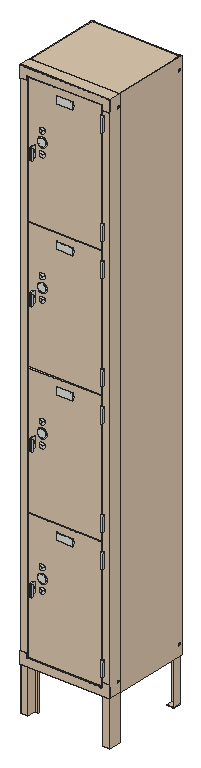
Revit family "Metal_Vented_Lockers-Salsbury_Industries-74000_Series-1_Wide_Units", category Specialty Equipment, Revit 2026 (continued)
Definition of nested family "Metal Locker Legs"
  Automatic sketch dimensions
    plane 17 "Back Edge of Rear Legs" to Extrusion 3 sketch curve = 0.060"
    plane 18 "Right Edge of Rear Right Leg" to Extrusion 3 sketch curve = 0.060"
    plane 17 "Back Edge of Rear Legs" to Extrusion 4 sketch curve = 0.000"
    Extrusion 4 sketch curve to plane 18 "Right Edge of Rear Right Leg" = 0.000"
    plane 20 to Extrusion 4 sketch curve = 0.000"
    Extrusion 4 sketch curve to plane 21 "Inside Edge or Rear Right Leg" = 0.000"
    plane 17 "Back Edge of Rear Legs" to Extrusion 5 sketch curve = 0.000"
    Extrusion 5 sketch curve to plane 22 "Inside Edge or Left Rear Leg" = 0.000"
    Extrusion 5 sketch curve to plane 19 "Left Edge or Rear Left Leg" = 0.000"
    plane 20 to Extrusion 5 sketch curve = 0.000"
    Extrusion 5 sketch curve to plane 17 "Back Edge of Rear Legs" = 0.060"
    Extrusion 5 sketch curve to plane 19 "Left Edge or Rear Left Leg" = 0.060"
    plane 17 "Back Edge of Rear Legs" to Extrusion 6 sketch curve = 0.000"
    Extrusion 6 sketch curve to plane 19 "Left Edge or Rear Left Leg" = 0.000"
    plane 20 to Extrusion 6 sketch curve = 0.000"
    Extrusion 6 sketch curve to plane 22 "Inside Edge or Left Rear Leg" = 0.000"
Definition of nested family "Vented Metal Locker Doors-12 inch with Latch Hasps"
  Parameters (values of type "Four Tier Door - 6 foot")
    Width = 9.901"
    Visible = yes
    Vent Array Spacing = 1.187"
    Vent Array 2 = if(Height = 17.360", 10, if(Height = 14.360", 8, if(Height = 11.532", 6, if(Height = 11.463", 6, 0))))  # 10
    Vent Array 1 = Vent Array 2  # 10
    Primary Structure Material = none
    Louver Set Vertical Alignment = 5.710"
    Number Plate Alignment = 0.9375"
    Louver Width = 4.000"
    Hinge 2 Placement = 14.142"
    Hinge 1 Placement = 1.125"
    Height = 17.360"
    Hasp Plate Rivet Material = none
    Hasp Height = 1.438"
    First Vent Placement = 2.875"
    Depth = 0.900"
    Default Elevation = 0.000"
  Types (4): name | Vent Array 2 | Vent Array 1 | Louver Set Vertical Alignment | Hinge 2 Placement | Height | First Vent Placement
    Six Tier Door - 6 foot | 6 | 6 | 2.731" | 8.449" | 11.532" | 2.3925"
    Five Tier Door - 5 foot | 6 | 6 | 2.826" | 8.188" | 11.463" | 2.3925"
    Four Tier Door - 6 foot | 10 | 10 | 5.710" | 14.142" | 17.360" | 2.875"
    Four Tier Door - 5 foot | 8 | 8 | 4.240" | 11.142" | 14.360" | 2.625"
  Reference planes (in)
    plane 1 "Center (Front/Back)": y = 0
    plane 2 "Bottom of Door": z = 0
    plane 3 "Center (Left/Right)": x = 0
    plane 4 "Center (Top/Bottom)": z = 8.68
    plane 5 "Top of Door": z = 17.36
    plane 6 "Right Side of Door": x = 4.9505
    plane 7 "Left Side of Door": x = -4.9505
    plane 8 "Front of Door": y = -0.45
    plane 9 "Back of Door": y = 0.45
    plane 10 "Top of Number Plate": z = 16.4225
    plane 11 "Top of Hasp Alignment": z = 9.399
    plane 12 "Bottom of Hasp Alignment": z = 7.961
    plane 13 "Left Side of Louvers": x = -2
    plane 14 "Right Side of Louvers": x = 2
    plane 15 "Front of Louvers": y = -0.6375
    plane 16: x = -1.094
    plane 17: x = 1.094
    plane 18: z = 15.4225
    plane 19 "Center Hasp": x = -1.7755
    plane 20 "Top of Hinge 2": z = 3.218
    plane 21 "Top of Hinge 1": z = 16.235
    plane 22 "Left Hasp Hole Align": x = -4.263
    plane 23 "Right Hasp Hole Align": x = -4.013
    plane 24 "Center Hasp Stud Align": z = 10.09841
    plane 25 "Top Hasp Stud Align": z = 11.51682
    plane 26 "Vertical Hasp Stud Align": x = -3.076
    plane 27 "Vertical Center Hasp Align": x = -4.13777
    plane 28: z = 2.875
    plane 29: z = 3.46558
    plane 30: z = 4.062
    plane 31: z = 4.65258
  Forms (in)
    Extrusion 1, solid, material <- "Primary Structure Material", visible <- "Visible"
      sketch origin (0, 0, 0) x (1, 0, 0) y (0, 0, 1)
        loop
          line (-4.9505, 17.36) -> (-4.9505, 0) -> (4.9505, 0) -> (4.9505, 17.36) -> (-4.9505, 17.36)
      from -0.45 to 0.45
    Extrusion 2, solid, material <- "Hasp Plate Rivet Material", visible <- "Visible", detail levels medium+fine
      sketch origin (0, -0.45, 0) x (1, 0, 0) y (0, 0, 1)
        loop
          arc (-1.06847, 16.38695) -> (-1.10166, 15.92421) -> (-1.06847, 15.46147) r 3.2426
          arc (-1.06847, 15.46147) -> (0, 15.42272) -> (1.06847, 15.46147) r 14.75
          arc (1.06847, 15.46147) -> (1.10166, 15.92421) -> (1.06847, 16.38695) r 3.2426
          arc (1.06847, 16.38695) -> (0, 16.41487) -> (-1.06847, 16.38695) r 20.45441
      from 0 to 0.03497
    Extrusion 3, void
      sketch origin (-1.7755, -0.13281, 0.04687) x (0, 0, -1) y (0, -1, 0)
        loop
          circle (-8.35677, -0.16411) r 0.2
      from -0.163 to 0.163
    Extrusion 4, solid, material <- "Primary Structure Material", visible <- "Visible", detail levels medium+fine
      sketch origin (0, 0, 16.235) x (0, -1, 0) y (1, 0, 0)
        loop
          line (0.45, 4.9505) -> (0.575, 4.9505)
          arc (0.575, 4.9505) -> (0.7, 5.0755) -> (0.575, 5.2005) r 0.125
          line (0.575, 5.2005) -> (0.45, 5.2005) -> (0.45, 4.9505)
      from 0 to -2
    Extrusion 5, solid, material <- "Primary Structure Material", visible <- "Visible", detail levels medium+fine
      sketch origin (0, 0, 3.218) x (0, -1, 0) y (1, 0, 0)
        loop
          line (0.45, 4.9505) -> (0.575, 4.9505)
          arc (0.575, 4.9505) -> (0.7, 5.0755) -> (0.575, 5.2005) r 0.125
          line (0.575, 5.2005) -> (0.45, 5.2005) -> (0.45, 4.9505)
      from 0 to -2
    Extrusion 6, void
      sketch origin (0, -0.45, 0) x (1, 0, 0) y (0, 0, 1)
        loop
          line (-4.263, 9.399) -> (-4.263, 7.961) -> (-4.013, 7.961) -> (-4.013, 9.399) -> (-4.263, 9.399)
      from -0.9 to 0
    Blend 7, solid, material <- "Hasp Plate Rivet Material", visible <- "Visible", detail levels fine
      base sketch origin (0, -0.45, 0) x (1, 0, 0) y (0, 0, 1)
        loop
          circle (-3.076, 8.68) r 0.375
      top sketch origin (0, -0.45, 0) x (1, 0, 0) y (0, 0, 1)
        loop
          circle (-3.076, 8.68) r 0.09706
      from 0 to 0.03497
    Blend 8, solid, material <- "Hasp Plate Rivet Material", visible <- "Visible", detail levels fine
      base sketch origin (0, -0.45, 2.83682) x (1, 0, 0) y (0, 0, 1)
        loop
          circle (-3.076, 8.68) r 0.375
      top sketch origin (0, -0.45, 2.83682) x (1, 0, 0) y (0, 0, 1)
        loop
          circle (-3.076, 8.68) r 0.09706
      from 0 to 0.03497
    Blend 9, solid, material <- "Hasp Plate Rivet Material", visible <- "Visible", detail levels fine
      base sketch origin (0, -0.45, -0.16841) x (1, 0, 0) y (0, 0, 1)
        loop
          circle (-3.076, 10.26682) r 0.625
      top sketch origin (0, -0.45, -0.16841) x (1, 0, 0) y (0, 0, 1)
        loop
          circle (-3.076, 10.26682) r 0.58088
      from 0 to 0.03497
    Extrusion 10, solid, material <- "Hasp Plate Rivet Material", visible <- "Visible", detail levels fine
      sketch origin (0, 0, 7.961) x (0, -1, 0) y (1, 0, 0)
        loop
          line (-0.45, -4.07527) -> (-0.45, -4.13777) -> (1.2, -4.13777)
          arc (1.2, -4.13777) -> (1.24419, -4.11946) -> (1.2625, -4.07527) r 0.0625
          line (1.2625, -4.07527) -> (1.2625, -3.76277) -> (1.20579, -3.76277) -> (1.20579, -4.0127)
          arc (1.20579, -4.0127) -> (1.18746, -4.05694) -> (1.14322, -4.07527) r 0.06257
          line (1.14322, -4.07527) -> (-0.45, -4.07527)
      from 0 to 1.438
    Extrusion 11, solid, material <- "Hasp Plate Rivet Material", visible <- "Visible", detail levels fine
      sketch origin (0, 0, 7.961) x (0, -1, 0) y (1, 0, 0)
        loop
          line (-0.45, -4.20027) -> (1.2625, -4.20027) -> (1.2625, -4.13777) -> (-0.45, -4.13777) -> (-0.45, -4.20027)
      from 0 to 1.438
    Extrusion 12, void
      sketch origin (-4.013, 0, 0) x (0, 0, -1) y (0, -1, 0)
        loop
          circle (-8.68, 0.82219) r 0.375
      from 0 to 0.25
  Cuts and joins
    Extrusion 3, Extrusion 6 cuts Extrusion 1
    Extrusion 12 cuts Extrusion 10
    Extrusion 12 cuts Extrusion 11
  Lines and regions (in)
    symbolic lines
      curve 1: line (-4.20027, -0.44719, 7.961) -> (-4.20027, -1.2625, 7.961)
      curve 2: line (-4.20027, -1.2625, 7.961) -> (-4.13777, -1.2625, 7.961)
      curve 3: line (-4.13777, -1.2625, 7.961) -> (-4.13777, -0.45, 7.961)
      curve 4: line (-4.07527, -0.44719, 7.961) -> (-4.07527, -1.14322, 7.961)
      curve 5: line (-4.0127, -1.20579, 7.961) -> (-3.76277, -1.20579, 7.961)
      curve 6: line (-3.76277, -1.20579, 7.961) -> (-3.76277, -1.2625, 7.961)
      curve 7: line (-3.76277, -1.2625, 7.961) -> (-4.07527, -1.2625, 7.961)
      curve 8: arc (-4.07527, -1.14322, 7.961) -> (-4.05694, -1.18746, 7.961) -> (-4.0127, -1.20579, 7.961) r 0.06257
      curve 9: arc (-4.07527, -1.2625, 7.961) -> (-4.11946, -1.24419, 7.961) -> (-4.13777, -1.2, 7.961) r 0.0625
      curve 10: line (-4.013, -0.45, 9.40058) -> (-4.013, -1.26256, 9.40058)
      curve 11: line (-4.013, -1.26256, 9.40058) -> (-4.013, -1.26256, 7.9612)
      curve 12: line (-4.013, -1.26256, 7.9612) -> (-4.013, -0.45309, 7.9612)
      curve 13: line (-4.263, -0.45, 9.399) -> (-4.20027, -0.45, 9.399)
      curve 14: line (-4.263, -0.45, 7.961) -> (-4.263, -0.45, 9.399)
      curve 15: line (-4.20027, -0.45, 7.961) -> (-4.263, -0.45, 7.961)
      curve 16: line (-4.20027, -0.45, 9.399) -> (-4.20027, -0.45, 7.961)
      curve 17: line (-4.20027, -0.45, 9.399) -> (-3.76277, -0.45, 9.399)
      curve 18: line (-4.20027, -0.45, 7.961) -> (-3.76277, -0.45, 7.961)
      curve 19: line (-3.76277, -0.45, 9.399) -> (-3.76277, -0.45, 7.961)
      curve 20: circle (-3.076, -0.45, 11.51682) r 0.371 normal (0, -1, 0)
      curve 21: circle (-3.076, -0.45, 8.68) r 0.375 normal (0, -1, 0)
      curve 22: circle (-3.076, -0.45, 10.09841) r 0.62368 normal (0, -1, 0)
      curve 23: line (-4.9505, -0.45, 17.36) -> (4.9505, -0.45, 17.36)
      curve 24: line (-4.9505, -0.45, 0) -> (-4.9505, -0.45, 17.36)
      curve 25: line (4.9505, -0.45, 0) -> (-4.9505, -0.45, 0)
      curve 26: line (4.9505, -0.45, 17.36) -> (4.9505, -0.45, 0)
  Dimensions and locks (in)
    equal spacing: plane 5 "Top of Door", plane 4 "Center (Top/Bottom)", plane 2 "Bottom of Door"
    "Height": plane 5 "Top of Door" to plane 2 "Bottom of Door"
    equal spacing: plane 8 "Front of Door", plane 1 "Center (Front/Back)", plane 9 "Back of Door"
    "Depth": plane 8 "Front of Door" to plane 9 "Back of Door"
    equal spacing: plane 7 "Left Side of Door", plane 3 "Center (Left/Right)", plane 6 "Right Side of Door"
    "Width": plane 7 "Left Side of Door" to plane 6 "Right Side of Door"
    "Number Plate Alignment": plane 5 "Top of Door" to plane 10 "Top of Number Plate" to plane 18
    equal spacing: plane 13 "Left Side of Louvers", plane 3 "Center (Left/Right)", plane 14 "Right Side of Louvers"
    "Louver Width": plane 13 "Left Side of Louvers" to plane 14 "Right Side of Louvers"
    plane 25 "Top Hasp Stud Align" to plane 24 "Center Hasp Stud Align" to plane 11 "Top of Hasp Alignment" to plane 4 "Center (Top/Bottom)" to plane 12 "Bottom of Hasp Alignment" = 1.41841", 0.69941", 0.719", 0.719"
    "Hasp Height": plane 11 "Top of Hasp Alignment" to plane 12 "Bottom of Hasp Alignment"
    locked: plane 15 "Front of Louvers" to plane 8 "Front of Door" at 0.1875
    plane 16 to plane 3 "Center (Left/Right)" to plane 17 = 1.094" locked, 1.094" locked
    "Hinge 1 Placement": plane 5 "Top of Door" to plane 21 "Top of Hinge 1"
    "Hinge 2 Placement": plane 5 "Top of Door" to plane 20 "Top of Hinge 2"
    plane 7 "Left Side of Door" to plane 22 "Left Hasp Hole Align" to plane 23 "Right Hasp Hole Align" to plane 26 "Vertical Hasp Stud Align" = 0.6875" locked, 0.250" locked, 0.937" locked
    equal spacing: group 1, group 2, group 3, group 4, group 5, group 6, group 13, group 14, group 15, group 16  (x3)
    equal spacing: group 7, group 8, group 9, group 10, group 11, group 12, group 17, group 18, group 19, group 20  (x3)
    "Vent Array Spacing": plane 30 to plane 28
    "First Vent Placement": plane 28 to plane 2 "Bottom of Door"
    "Vent Array Spacing": plane 31 to plane 29
    locked: plane 29 to plane 28 at 0.59058
    aligned and locked: level to plane 2 "Bottom of Door"
    aligned and locked: plane 5 "Top of Door" to Extrusion 1 sketch curve
    aligned and locked: Extrusion 1 sketch curve to plane 7 "Left Side of Door"
    aligned and locked: plane 2 "Bottom of Door" to Extrusion 1 sketch curve
    aligned and locked: plane 6 "Right Side of Door" to Extrusion 1 sketch curve
    aligned and locked: plane 11 "Top of Hasp Alignment" to Extrusion 6 sketch curve
    aligned and locked: Extrusion 6 sketch curve to plane 22 "Left Hasp Hole Align"
    aligned and locked: Extrusion 6 sketch curve to plane 12 "Bottom of Hasp Alignment"
    aligned and locked: plane 23 "Right Hasp Hole Align" to Extrusion 6 sketch curve
    aligned and locked: plane 25 "Top Hasp Stud Align" to Blend 8 sketch curve  (x2)
    aligned and locked: plane 4 "Center (Top/Bottom)" to Blend 7 sketch curve  (x2)
    aligned and locked: plane 24 "Center Hasp Stud Align" to Blend 9 sketch curve  (x2)
    aligned and locked: plane 27 "Vertical Center Hasp Align" to Extrusion 11 sketch curve
    aligned and locked: plane 27 "Vertical Center Hasp Align" to Extrusion 10 sketch curve
    aligned and locked: plane 4 "Center (Top/Bottom)" to Extrusion 12 sketch curve
    aligned and locked: plane 3 "Center (Left/Right)" to nested 1
    aligned and locked: plane 28 to nested 2
    aligned and locked: plane 29 to nested 1
    aligned and locked: plane 30 to nested 3
    aligned and locked: plane 31 to nested 8
    aligned and locked: curve 1 to cut or joined group of Extrusion 11, Extrusion 12
    aligned and locked: curve 2 to cut or joined group of Extrusion 11, Extrusion 12
    aligned and locked: curve 3 to cut or joined group of Extrusion 11, Extrusion 12
    aligned and locked: cut or joined group of Extrusion 10, Extrusion 12 to curve 4
    aligned and locked: curve 5 to cut or joined group of Extrusion 10, Extrusion 12
    aligned and locked: curve 6 to cut or joined group of Extrusion 10, Extrusion 12
    aligned and locked: curve 7 to cut or joined group of Extrusion 10, Extrusion 12
    aligned and locked: curve 10 to nested 12  (x2)
    aligned and locked: curve 13 to cut or joined group of Extrusion 1, Extrusion 3, Extrusion 6
    aligned and locked: curve 14 to cut or joined group of Extrusion 1, Extrusion 3, Extrusion 6
    aligned and locked: cut or joined group of Extrusion 11, Extrusion 12 to curve 15
    aligned and locked: curve 16 to cut or joined group of Extrusion 11, Extrusion 12
    aligned and locked: curve 13 to curve 17
    aligned and locked: curve 19 to cut or joined group of Extrusion 10, Extrusion 12
    aligned and locked: curve 23 to cut or joined group of Extrusion 1, Extrusion 3, Extrusion 6
    aligned and locked: curve 25 to cut or joined group of Extrusion 1, Extrusion 3, Extrusion 6
    aligned and locked: curve 26 to cut or joined group of Extrusion 1, Extrusion 3, Extrusion 6
  Automatic sketch dimensions
    Extrusion 2 sketch curve to plane 3 "Center (Left/Right)" = 0.000"  (x2)
    plane 13 "Left Side of Louvers" to Extrusion 2 sketch curve = 0.14094"
    Extrusion 2 sketch curve to plane 14 "Right Side of Louvers" = 0.14094"
    Extrusion 2 sketch curve to level = 4.03954"
    plane 21 "Top of Hinge 1" to Extrusion 2 sketch curve = 0.31079"  (x2)
    Extrusion 2 sketch curve to plane 5 "Top of Door" = 12.81272"
    Extrusion 2 sketch curve to plane 16 = 0.02553"  (x2)
    plane 17 to Extrusion 2 sketch curve = 0.02553"
    Extrusion 2 sketch curve to plane 18 = 0.03897"
    Extrusion 3 sketch curve to plane 1 "Center (Front/Back)" = 0.0313"
    Extrusion 4 sketch curve to plane 6 "Right Side of Door" = 0.000"
    plane 8 "Front of Door" to Extrusion 4 sketch curve = 0.000"
    Extrusion 4 sketch curve to plane 15 "Front of Louvers" = 0.0625"
    Extrusion 4 sketch curve to plane 6 "Right Side of Door" = 0.125"
    Extrusion 5 sketch curve to plane 6 "Right Side of Door" = 0.000"
    plane 8 "Front of Door" to Extrusion 5 sketch curve = 0.000"
    Extrusion 5 sketch curve to plane 15 "Front of Louvers" = 0.0625"
    Extrusion 5 sketch curve to plane 6 "Right Side of Door" = 0.125"
    plane 26 "Vertical Hasp Stud Align" to Blend 7 sketch curve = 0.000"  (x2)
    plane 26 "Vertical Hasp Stud Align" to Blend 8 sketch curve = 0.000"  (x2)
    plane 26 "Vertical Hasp Stud Align" to Blend 9 sketch curve = 0.000"  (x2)
    Extrusion 10 sketch curve to plane 1 "Center (Front/Back)" = 0.450"
    plane 23 "Right Hasp Hole Align" to Extrusion 10 sketch curve = 0.06227"
    Extrusion 10 sketch curve to plane 23 "Right Hasp Hole Align" = 0.0003"
    plane 15 "Front of Louvers" to Extrusion 10 sketch curve = 0.50572"
    Extrusion 10 sketch curve to Extrusion 10 sketch curve = 0.05678"
    Extrusion 10 sketch curve to Extrusion 10 sketch curve = 0.24993"
    plane 9 "Back of Door" to Extrusion 11 sketch curve = 0.000"
    plane 15 "Front of Louvers" to Extrusion 11 sketch curve = 0.625"
    Extrusion 11 sketch curve to plane 22 "Left Hasp Hole Align" = 0.06273"
    Extrusion 10 sketch curve to Extrusion 10 sketch curve = 0.06257"
    plane 15 "Front of Louvers" to Extrusion 12 sketch curve = 0.18469"
    plane 4 "Center (Top/Bottom)" to Extrusion 3 sketch curve = 0.27635"
    plane 8 "Front of Door" to curve 3 = 0.000"
    curve 8 to plane 23 "Right Hasp Hole Align" = 0.0003"
    curve 9 to curve 4 = 0.000"
    curve 1 to plane 8 "Front of Door" = 0.00281"
    curve 4 to plane 8 "Front of Door" = 0.00281"
    plane 15 "Front of Louvers" to curve 11 = 0.62506"
    curve 12 to plane 12 "Bottom of Hasp Alignment" = 0.0002"
    plane 8 "Front of Door" to curve 12 = 0.00309"
    plane 7 "Left Side of Door" to curve 24 = 0.000"
    curve 22 to plane 24 "Center Hasp Stud Align" = 0.000"
    plane 26 "Vertical Hasp Stud Align" to curve 22 = 0.000"
    curve 21 to plane 4 "Center (Top/Bottom)" = 0.000"
    plane 26 "Vertical Hasp Stud Align" to curve 21 = 0.000"
    curve 20 to plane 25 "Top Hasp Stud Align" = 0.000"
    plane 26 "Vertical Hasp Stud Align" to curve 20 = 0.000"
    radius of Extrusion 3 sketch curve = 0.200"
    radius of Blend 7 sketch curve = 0.375"
    radius of Blend 7 sketch curve = 0.09706"
    radius of Blend 8 sketch curve = 0.375"
    radius of Blend 8 sketch curve = 0.09706"
    radius of Blend 9 sketch curve = 0.625"
    radius of Blend 9 sketch curve = 0.58088"
    radius of Extrusion 12 sketch curve = 0.375"
    radius of curve 20 = 0.371"
    radius of curve 21 = 0.375"
    radius of curve 22 = 0.62368"
  Nested families (in)
    nested 1: "Vents - Horizontal 3" at (0, -0.45, -61.80738), type "Vents - Horizontal 3"
    nested 2: "Vents - Horizontal 2" at (2.6043, -0.45, -60.66388), type "Vents - Horizontal 2"
    nested 3: "Vents - Horizontal 2" at (2.6043, -0.45, -59.47688), type "Vents - Horizontal 2"
    nested 4: "Vents - Horizontal 2" at (2.6043, -0.45, -58.28988), type "Vents - Horizontal 2"
    nested 5: "Vents - Horizontal 2" at (2.6043, -0.45, -57.10288), type "Vents - Horizontal 2"
    nested 6: "Vents - Horizontal 2" at (2.6043, -0.45, -55.91588), type "Vents - Horizontal 2"
    nested 7: "Vents - Horizontal 2" at (2.6043, -0.45, -54.72888), type "Vents - Horizontal 2"
    nested 8: "Vents - Horizontal 3" at (0, -0.45, -60.62038), type "Vents - Horizontal 3"
    nested 9: "Vents - Horizontal 3" at (0, -0.45, -59.43338), type "Vents - Horizontal 3"
    nested 10: "Vents - Horizontal 3" at (0, -0.45, -58.24638), type "Vents - Horizontal 3"
    nested 11: "Vents - Horizontal 3" at (0, -0.45, -57.05938), type "Vents - Horizontal 3"
    nested 12: "Vents - Horizontal 3" at (0, -0.45, -55.87238), type "Vents - Horizontal 3"
    nested 13: "Vents - Horizontal 2" at (2.6043, -0.45, -53.54188), type "Vents - Horizontal 2"
    nested 14: "Vents - Horizontal 2" at (2.6043, -0.45, -52.35488), type "Vents - Horizontal 2"
    nested 15: "Vents - Horizontal 2" at (2.6043, -0.45, -51.16788), type "Vents - Horizontal 2"
    nested 16: "Vents - Horizontal 2" at (2.6043, -0.45, -49.98088), type "Vents - Horizontal 2"
    nested 17: "Vents - Horizontal 3" at (0, -0.45, -54.68538), type "Vents - Horizontal 3"
    nested 18: "Vents - Horizontal 3" at (0, -0.45, -53.49838), type "Vents - Horizontal 3"
    nested 19: "Vents - Horizontal 3" at (0, -0.45, -52.31138), type "Vents - Horizontal 3"
    nested 20: "Vents - Horizontal 3" at (0, -0.45, -51.12438), type "Vents - Horizontal 3"
  Definition of nested family "Vents - Horizontal 3"
    Parameters (values of type "Vents - Horizontal 3")
      Default Elevation = 0.000"
    Reference planes (in)
      plane 1 "Center (Front/Back)": y = 0
      plane 2: z = 0
      plane 3 "Center (Left/Right)": x = 0
    Lines and regions (in)
      model lines
        curve 1: spline (1.08625, 0, 65.3981) -> (1.05712, 0, 65.3804) -> (1.03269, 0, 65.36106) -> (1.01334, 0, 65.34039) -> (0.99936, 0, 65.31871) -> (0.99096, 0, 65.29635) -> (0.98829, 0, 65.27365) -> (0.99137, 0, 65.25097) -> (1.00016, 0, 65.22864) -> (1.01452, 0, 65.20702) -> (1.03424, 0, 65.18644) -> (1.05902, 0, 65.16721) -> (1.08846, 0, 65.14963)
        curve 2: line (1.08625, 0, 65.3981) -> (1.73835, 0, 65.64972)
        curve 3: line (1.08846, 0, 65.14963) -> (1.73762, 0, 64.89923)
        curve 4: spline (2.39008, 0, 65.39825) -> (2.41937, 0, 65.38053) -> (2.44394, 0, 65.36117) -> (2.46341, 0, 65.34048) -> (2.47747, 0, 65.31876) -> (2.48591, 0, 65.29637) -> (2.4886, 0, 65.27363) -> (2.4855, 0, 65.25091) -> (2.47665, 0, 65.22855) -> (2.46219, 0, 65.2069) -> (2.44234, 0, 65.18629) -> (2.41742, 0, 65.16704) -> (2.3878, 0, 65.14945)
        curve 5: line (2.39008, 0, 65.39825) -> (1.73835, 0, 65.64972)
        curve 6: line (2.3878, 0, 65.14945) -> (1.73762, 0, 64.89923)
        curve 13: spline (-0.65075, 0, 65.3981) -> (-0.67988, 0, 65.3804) -> (-0.70431, 0, 65.36106) -> (-0.72366, 0, 65.34039) -> (-0.73764, 0, 65.31871) -> (-0.74604, 0, 65.29635) -> (-0.74871, 0, 65.27365) -> (-0.74563, 0, 65.25097) -> (-0.73684, 0, 65.22864) -> (-0.72248, 0, 65.20702) -> (-0.70276, 0, 65.18644) -> (-0.67798, 0, 65.16721) -> (-0.64854, 0, 65.14963)
        curve 14: line (-0.65075, 0, 65.3981) -> (0.00135, 0, 65.64972)
        curve 15: line (-0.64854, 0, 65.14963) -> (0.00062, 0, 64.89923)
        curve 16: spline (0.65308, 0, 65.39825) -> (0.68237, 0, 65.38053) -> (0.70694, 0, 65.36117) -> (0.72641, 0, 65.34048) -> (0.74047, 0, 65.31876) -> (0.74891, 0, 65.29637) -> (0.7516, 0, 65.27363) -> (0.7485, 0, 65.25091) -> (0.73965, 0, 65.22855) -> (0.72519, 0, 65.2069) -> (0.70534, 0, 65.18629) -> (0.68042, 0, 65.16704) -> (0.6508, 0, 65.14945)
        curve 17: line (0.65308, 0, 65.39825) -> (0.00135, 0, 65.64972)
        curve 18: line (0.6508, 0, 65.14945) -> (0.00062, 0, 64.89923)
        curve 19: spline (-2.38775, 0, 65.3981) -> (-2.41688, 0, 65.3804) -> (-2.44131, 0, 65.36106) -> (-2.46066, 0, 65.34039) -> (-2.47464, 0, 65.31871) -> (-2.48304, 0, 65.29635) -> (-2.48571, 0, 65.27365) -> (-2.48263, 0, 65.25097) -> (-2.47384, 0, 65.22864) -> (-2.45948, 0, 65.20702) -> (-2.43976, 0, 65.18644) -> (-2.41498, 0, 65.16721) -> (-2.38554, 0, 65.14963)
        curve 20: line (-2.38775, 0, 65.3981) -> (-1.73565, 0, 65.64972)
        curve 21: line (-2.38554, 0, 65.14963) -> (-1.73638, 0, 64.89923)
        curve 22: spline (-1.08392, 0, 65.39825) -> (-1.05463, 0, 65.38053) -> (-1.03006, 0, 65.36117) -> (-1.01059, 0, 65.34048) -> (-0.99653, 0, 65.31876) -> (-0.98809, 0, 65.29637) -> (-0.9854, 0, 65.27363) -> (-0.9885, 0, 65.25091) -> (-0.99735, 0, 65.22855) -> (-1.01181, 0, 65.2069) -> (-1.03166, 0, 65.18629) -> (-1.05658, 0, 65.16704) -> (-1.0862, 0, 65.14945)
        curve 23: line (-1.08392, 0, 65.39825) -> (-1.73565, 0, 65.64972)
        curve 24: line (-1.0862, 0, 65.14945) -> (-1.73638, 0, 64.89923)
      model lines, not visible
        curve 7: spline (6.02, -6.45464, 72.16015) -> (6.02, -6.43694, 72.13102) -> (6.02, -6.4176, 72.10659) -> (6.02, -6.39694, 72.08724) -> (6.02, -6.37525, 72.07326) -> (6.02, -6.35289, 72.06486) -> (6.02, -6.33019, 72.06219) -> (6.02, -6.30751, 72.06527) -> (6.02, -6.28518, 72.07406) -> (6.02, -6.26356, 72.08842) -> (6.02, -6.24298, 72.10814) -> (6.02, -6.22375, 72.13292) -> (6.02, -6.20617, 72.16236)
        curve 8: line (6.02, -6.45464, 72.16015) -> (6.02, -6.70626, 72.81225)
        curve 9: line (6.02, -6.20617, 72.16236) -> (6.02, -5.95577, 72.81152)
        curve 10: spline (6.02, -6.45479, 73.46398) -> (6.02, -6.43707, 73.49327) -> (6.02, -6.41771, 73.51784) -> (6.02, -6.39702, 73.53731) -> (6.02, -6.3753, 73.55137) -> (6.02, -6.35291, 73.55981) -> (6.02, -6.33017, 73.5625) -> (6.02, -6.30745, 73.5594) -> (6.02, -6.28509, 73.55055) -> (6.02, -6.26344, 73.53609) -> (6.02, -6.24283, 73.51624) -> (6.02, -6.22359, 73.49132) -> (6.02, -6.20599, 73.4617)
        curve 11: line (6.02, -6.45479, 73.46398) -> (6.02, -6.70626, 72.81225)
        curve 12: line (6.02, -6.20599, 73.4617) -> (6.02, -5.95577, 72.81152)
      reference lines
        curve 25: line (-2.54644, 0, 65.27296) -> (2.54933, 0, 65.27296)
    Dimensions and locks (in)
      equal spacing: group 4, group 3, group 2  (x2)
      equal spacing: group 2, group 3, group 4
      aligned and locked: level to plane 2
  Definition of nested family "Vents - Horizontal 2"
    Parameters (values of type "Vents - Horizontal 2")
      Default Elevation = 0.000"
    Reference planes (in)
      plane 1 "Center (Front/Back)": y = 0
      plane 2: z = 0
      plane 3 "Center (Left/Right)": x = 0
    Lines and regions (in)
      model lines
        curve 1: spline (-2.82036, 0, 63.41385) -> (-2.79123, 0, 63.43156) -> (-2.7668, 0, 63.45089) -> (-2.74745, 0, 63.47156) -> (-2.73347, 0, 63.49324) -> (-2.72507, 0, 63.5156) -> (-2.72239, 0, 63.5383) -> (-2.72547, 0, 63.56099) -> (-2.73427, 0, 63.58331) -> (-2.74863, 0, 63.60493) -> (-2.76835, 0, 63.62552) -> (-2.79312, 0, 63.64475) -> (-2.82257, 0, 63.66233)
        curve 2: line (-2.82036, 0, 63.41385) -> (-3.47246, 0, 63.16223)
        curve 3: line (-2.82257, 0, 63.66233) -> (-3.47173, 0, 63.91272)
        curve 4: spline (-4.12419, 0, 63.41371) -> (-4.15348, 0, 63.43143) -> (-4.17805, 0, 63.45078) -> (-4.19752, 0, 63.47148) -> (-4.21158, 0, 63.49319) -> (-4.22002, 0, 63.51559) -> (-4.22271, 0, 63.53832) -> (-4.21961, 0, 63.56104) -> (-4.21076, 0, 63.5834) -> (-4.1963, 0, 63.60505) -> (-4.17645, 0, 63.62566) -> (-4.15153, 0, 63.64491) -> (-4.12191, 0, 63.6625)
        curve 5: line (-4.12419, 0, 63.41371) -> (-3.47246, 0, 63.16223)
        curve 6: line (-4.12191, 0, 63.6625) -> (-3.47173, 0, 63.91272)
        curve 13: spline (-1.08336, 0, 63.41385) -> (-1.05423, 0, 63.43156) -> (-1.0298, 0, 63.45089) -> (-1.01045, 0, 63.47156) -> (-0.99647, 0, 63.49324) -> (-0.98807, 0, 63.5156) -> (-0.98539, 0, 63.5383) -> (-0.98847, 0, 63.56099) -> (-0.99727, 0, 63.58331) -> (-1.01163, 0, 63.60493) -> (-1.03135, 0, 63.62552) -> (-1.05612, 0, 63.64475) -> (-1.08557, 0, 63.66233)
        curve 14: line (-1.08336, 0, 63.41385) -> (-1.73546, 0, 63.16223)
        curve 15: line (-1.08557, 0, 63.66233) -> (-1.73473, 0, 63.91272)
        curve 16: spline (-2.38719, 0, 63.41371) -> (-2.41648, 0, 63.43143) -> (-2.44105, 0, 63.45078) -> (-2.46052, 0, 63.47148) -> (-2.47458, 0, 63.49319) -> (-2.48302, 0, 63.51559) -> (-2.48571, 0, 63.53832) -> (-2.48261, 0, 63.56104) -> (-2.47376, 0, 63.5834) -> (-2.4593, 0, 63.60505) -> (-2.43945, 0, 63.62566) -> (-2.41453, 0, 63.64491) -> (-2.38491, 0, 63.6625)
        curve 17: line (-2.38719, 0, 63.41371) -> (-1.73546, 0, 63.16223)
        curve 18: line (-2.38491, 0, 63.6625) -> (-1.73473, 0, 63.91272)
      model lines, not visible
        curve 7: spline (6.02, -6.45464, 72.16015) -> (6.02, -6.43694, 72.13102) -> (6.02, -6.4176, 72.10659) -> (6.02, -6.39694, 72.08724) -> (6.02, -6.37525, 72.07326) -> (6.02, -6.35289, 72.06486) -> (6.02, -6.33019, 72.06219) -> (6.02, -6.30751, 72.06527) -> (6.02, -6.28518, 72.07406) -> (6.02, -6.26356, 72.08842) -> (6.02, -6.24298, 72.10814) -> (6.02, -6.22375, 72.13292) -> (6.02, -6.20617, 72.16236)
        curve 8: line (6.02, -6.45464, 72.16015) -> (6.02, -6.70626, 72.81225)
        curve 9: line (6.02, -6.20617, 72.16236) -> (6.02, -5.95577, 72.81152)
        curve 10: spline (6.02, -6.45479, 73.46398) -> (6.02, -6.43707, 73.49327) -> (6.02, -6.41771, 73.51784) -> (6.02, -6.39702, 73.53731) -> (6.02, -6.3753, 73.55137) -> (6.02, -6.35291, 73.55981) -> (6.02, -6.33017, 73.5625) -> (6.02, -6.30745, 73.5594) -> (6.02, -6.28509, 73.55055) -> (6.02, -6.26344, 73.53609) -> (6.02, -6.24283, 73.51624) -> (6.02, -6.22359, 73.49132) -> (6.02, -6.20599, 73.4617)
        curve 11: line (6.02, -6.45479, 73.46398) -> (6.02, -6.70626, 72.81225)
        curve 12: line (6.02, -6.20599, 73.4617) -> (6.02, -5.95577, 72.81152)
      reference lines
        curve 19: line (-4.25866, 0, 63.53888) -> (-0.94723, 0, 63.53888)
    Dimensions and locks (in)
      group 2 to group 3 = 1.737"
      group 2 to group 3 = 0.000"  (x2)
      aligned and locked: level to plane 2
Definition of nested family "Metal Locker Front Base"
  Parameters (values of type "77742 - for 12" W Lockers with Legs")
    Width = 10.040"
    Visible [instance] = yes
    Version = "1.0 (11/30/15)"
    Type Comments = "Front Base for Standard Metal Lockers"
    Primary Structure Material = none
    Model = "77742"
    MasterFormat Title = ""
    MasterFormat Number = ""
    Manufacturer = "Salsbury Industries"
    Description = "Front Base for 12\" Wide Lockers"
    Depth = 1.185"
    Height = 6.000"
    Default Elevation = 0.000"
    Assembly Code = ""
  Types (3): name | Width | Visible | Model | Description
    77742 - for 12" W Lockers with Legs | 10.040" | yes | "77742" | "Front Base for 12\" Wide Lockers"
    77745 - for 15" W Lockers with Legs | 13.040" | yes | "77745" | "Front Base for 15\" Wide Lockers"
    None | 10.040" | no | "77742" | "Front Base for 12\" Wide Lockers"
  Reference planes (in)
    plane 1 "Center (Front/Back)": y = -5.417
    plane 2: z = 0
    plane 3 "Center (Left/Right)": x = 0
    plane 4 "Floor": z = 0
    plane 5 "Top of Enclosure": z = 6
    plane 6 "Front of Enclosure": y = -6.005
    plane 7 "Right Side of Enclosure": x = 5.02
    plane 8 "Left Side of Enclosure": x = -5.02
    plane 9 "Back of Enclosure": y = -4.82
  Forms (in)
    Extrusion 1, solid, material <- "Primary Structure Material", visible <- "Visible"
      sketch origin (0, -6.005, 0) x (1, 0, 0) y (0, 0, 1)
        loop
          line (-5.02, 6) -> (-5.02, 0) -> (5.02, 0) -> (5.02, 6) -> (-5.02, 6)
      from -0.06 to 0
    Extrusion 2, solid, material <- "Primary Structure Material", visible <- "Visible"
      sketch origin (0, 0, 0) x (0, 1, 0) y (0, 0, 1)
        loop
          line (-5.945, 6) -> (-5.945, 5.94) -> (-4.82, 5.94) -> (-4.82, 6) -> (-5.945, 6)
      from -5.02 to 5.02
    Extrusion 3, solid, material <- "Primary Structure Material", visible <- "Visible"
      sketch origin (5.02, 0, 0) x (0, 0, -1) y (0, -1, 0)
        loop
          line (-5.75, 5.945) -> (-5.75, 4.82) -> (-0.25, 4.82) -> (-0.25, 5.945) -> (-5.75, 5.945)
      from 0 to 0.06
    Extrusion 4, solid, material <- "Primary Structure Material", visible <- "Visible"
      sketch origin (-5.02, 0, 0) x (0, 0, -1) y (0, -1, 0)
        loop
          line (-5.75, 5.945) -> (-5.75, 4.82) -> (-0.25, 4.82) -> (-0.25, 5.945) -> (-5.75, 5.945)
      from 0 to -0.06
  Dimensions and locks (in)
    "Height": plane 5 "Top of Enclosure" to plane 4 "Floor"
    plane 6 "Front of Enclosure" to plane 1 "Center (Front/Back)" = 0.588"
    "Depth": plane 6 "Front of Enclosure" to plane 9 "Back of Enclosure"
    equal spacing: plane 8 "Left Side of Enclosure", plane 3 "Center (Left/Right)", plane 7 "Right Side of Enclosure"
    "Width": plane 8 "Left Side of Enclosure" to plane 7 "Right Side of Enclosure"
    aligned and locked: level to plane 2
    aligned and locked: plane 8 "Left Side of Enclosure" to Extrusion 2
    aligned and locked: Extrusion 2 to plane 7 "Right Side of Enclosure"
    aligned and locked: Extrusion 1 to plane 7 "Right Side of Enclosure"
  Automatic sketch dimensions
    Extrusion 1 sketch curve to Extrusion 1 sketch curve = 10.040"
    Extrusion 1 sketch curve to Extrusion 1 sketch curve = 6.000"
    Extrusion 2 sketch curve to Extrusion 2 sketch curve = 1.125"
    Extrusion 2 sketch curve to Extrusion 2 sketch curve = 0.060"
    Extrusion 3 sketch curve to Extrusion 3 sketch curve = 5.500"
    Extrusion 3 sketch curve to Extrusion 3 sketch curve = 1.125"
    Extrusion 4 sketch curve to Extrusion 4 sketch curve = 5.500"
    Extrusion 4 sketch curve to Extrusion 4 sketch curve = 1.125"
    Extrusion 1 sketch curve to level = 0.000"
    plane 8 "Left Side of Enclosure" to Extrusion 1 sketch curve = 0.000"
    plane 5 "Top of Enclosure" to Extrusion 2 sketch curve = 0.000"
    Extrusion 2 sketch curve to plane 9 "Back of Enclosure" = 0.000"
    Extrusion 3 sketch curve to plane 9 "Back of Enclosure" = 0.000"
    plane 5 "Top of Enclosure" to Extrusion 3 sketch curve = 0.250"
    Extrusion 4 sketch curve to plane 9 "Back of Enclosure" = 0.000"
    plane 5 "Top of Enclosure" to Extrusion 4 sketch curve = 0.250"
Definition of nested family "Metal Locker Right Side Base"
  Parameters (values of type "77732 Right - for 12" D Lockers with Legs")
    Width including Rivet [instance] = 1.290"
    Visible = yes
    Primary Structure Material = none
    Depth = 10.422"
    Version = "1.0 (11/30/15)"
    Type Comments = "End Base for Standard Metal Lockers"
    Model = "77732"
    MasterFormat Title = ""
    MasterFormat Number = ""
    Manufacturer = "Salsbury Industries"
    Description = "1.25\"W x 6\" H x 10\"D"
    Width = 1.250"
    Height = 6.000"
    Default Elevation = 0.000"
    Assembly Code = ""
  Types (4): name | Visible | Depth | Model | Description
    77732 Right - for 12" D Lockers with Legs | yes | 10.422" | "77732" | "1.25\"W x 6\" H x 10\"D"
    77735 Right - for 15" D Lockers with Legs | yes | 13.422" | "77735" | "1.25\"W x 6\" H x 13\"D"
    77738 Right - for 18" D Lockers with Legs | yes | 16.422" | "77738" | "1.25\"W x 6\" H x 16\"D"
    None | no | 10.422" | "" | ""
  Reference planes (in)
    plane 1 "Center (Front/Back)": y = 0
    plane 2: z = 0
    plane 3 "Center (Left/Right)": x = 5.395
    plane 4 "Floor": z = 0
    plane 5 "Top of Enclosure": z = 6
    plane 6 "Left Side of Unit": x = 4.77
    plane 7 "Right Side of Unit": x = 6.02
    plane 8 "Left Edge of Enclosure": y = -5.211
    plane 9 "Right Edge of Enclosure": y = 5.211
    plane 10 "Left Edge of Insert": y = -6.27647
    plane 11 "Right Edge of Insert": y = -5.15147
    plane 12 "Rivet Edge": x = 6.06
  Forms (in)
    Extrusion 1, solid, material <- "Primary Structure Material", visible <- "Visible"
      sketch origin (6.02, 0, 0) x (0, 0, -1) y (0, -1, 0)
        loop
          line (-6, 5.211) -> (-6, -5.211) -> (0, -5.211) -> (0, 5.211) -> (-6, 5.211)
      from 0 to 0.06
    Extrusion 2, solid, material <- "Primary Structure Material", visible <- "Visible"
      sketch origin (0, 0, 6) x (0, -1, 0) y (1, 0, 0)
        loop
          line (5.15147, 5.96) -> (5.15147, 5.9) -> (6.27647, 5.9) -> (6.27647, 5.96) -> (5.15147, 5.96)
      from -6 to 0
    Extrusion 3, solid, material <- "Primary Structure Material", visible <- "Visible"
      sketch origin (6.02, 0, 0) x (0, 0, -1) y (0, -1, 0)
        loop
          line (-6, 4.90147) -> (-6, -3.961) -> (-5.94, -3.961) -> (-5.94, 4.90147) -> (-6, 4.90147)
      from 0.06 to 1.25
    Extrusion 4, solid, material <- "Primary Structure Material", visible <- "Visible"
      sketch origin (6.02, 0, -5.94) x (0, 0, -1) y (0, -1, 0)
        loop
          line (-6, 4.90147) -> (-6, -3.961) -> (-5.94, -3.961) -> (-5.94, 4.90147) -> (-6, 4.90147)
      from 0.06 to 1.25
  Dimensions and locks (in)
    "Height": plane 5 "Top of Enclosure" to plane 4 "Floor"
    plane 10 "Left Edge of Insert" to plane 8 "Left Edge of Enclosure" to plane 11 "Right Edge of Insert" = 1.06547" locked, 0.05953" locked
    equal spacing: plane 8 "Left Edge of Enclosure", plane 1 "Center (Front/Back)", plane 9 "Right Edge of Enclosure"
    "Depth": plane 8 "Left Edge of Enclosure" to plane 9 "Right Edge of Enclosure"
    equal spacing: plane 6 "Left Side of Unit", plane 3 "Center (Left/Right)", plane 7 "Right Side of Unit"
    "Width": plane 6 "Left Side of Unit" to plane 7 "Right Side of Unit"
    locked: plane 7 "Right Side of Unit" to plane 12 "Rivet Edge" at 0.04
    "Width including Rivet": plane 6 "Left Side of Unit" to plane 12 "Rivet Edge"
    aligned and locked: level to plane 2
    aligned and locked: plane 11 "Right Edge of Insert" to Extrusion 2
    aligned and locked: plane 10 "Left Edge of Insert" to Extrusion 2
    aligned and locked: Extrusion 3 to Extrusion 1
    aligned and locked: plane 6 "Left Side of Unit" to Extrusion 3
  Automatic sketch dimensions
    plane 5 "Top of Enclosure" to Extrusion 1 sketch curve = 0.000"
    Extrusion 1 sketch curve to level = 0.000"
    Extrusion 2 sketch curve to plane 8 "Left Edge of Enclosure" = 0.05953"
    plane 7 "Right Side of Unit" to Extrusion 2 sketch curve = 0.120"
    Extrusion 2 sketch curve to Extrusion 2 sketch curve = 0.060"
    Extrusion 1 sketch curve to plane 8 "Left Edge of Enclosure" = 0.000"
    Extrusion 1 sketch curve to plane 9 "Right Edge of Enclosure" = 0.000"
    plane 10 "Left Edge of Insert" to Extrusion 2 sketch curve = 0.000"
    plane 5 "Top of Enclosure" to Extrusion 3 sketch curve = 0.000"
    Extrusion 3 sketch curve to Extrusion 3 sketch curve = 0.060"
    plane 9 "Right Edge of Enclosure" to Extrusion 3 sketch curve = 1.250"
    Extrusion 3 sketch curve to plane 11 "Right Edge of Insert" = 0.250"
    Extrusion 4 sketch curve to level = 0.000"
    level to Extrusion 4 sketch curve = 0.060"
    plane 9 "Right Edge of Enclosure" to Extrusion 4 sketch curve = 1.250"
    Extrusion 4 sketch curve to plane 11 "Right Edge of Insert" = 0.250"
Definition of nested family "Metal Locker Left Side Base"
  Parameters (values of type "77732 Left - for 12" D Lockers with Legs")
    Width including Rivet [instance] = 1.290"
    Visible = yes
    Primary Structure Material = none
    Depth = 10.422"
    Version = "1.0 (11/30/15)"
    Type Comments = "End Base for Standard Metal Lockers"
    Model = "77732"
    MasterFormat Title = ""
    MasterFormat Number = ""
    Manufacturer = "Salsbury Industries"
    Description = "1.25\"W x 6\" H x 10\"D"
    Width = 1.250"
    Height = 6.000"
    Default Elevation = 0.000"
    Assembly Code = ""
  Types (4): name | Visible | Depth | Model | Description
    77732 Left - for 12" D Lockers with Legs | yes | 10.422" | "77732" | "1.25\"W x 6\" H x 10\"D"
    77735 Left - for 15" D Lockers with Legs | yes | 13.422" | "77735" | "1.25\"W x 6\" H x 13\"D"
    77738 Left - for 18" D Lockers with Legs | yes | 16.422" | "77738" | "1.25\"W x 6\" H x 16\"D"
    None | no | 10.422" | "" | ""
  Reference planes (in)
    plane 1 "Center (Front/Back)": y = 0
    plane 2: z = 0
    plane 3 "Center (Left/Right)": x = 5.395
    plane 4 "Floor": z = 0
    plane 5 "Top of Enclosure": z = 6
    plane 6 "Left Side of Unit": x = 4.77
    plane 7 "Right Side of Unit": x = 6.02
    plane 8 "Left Edge of Enclosure": y = -5.211
    plane 9 "Right Edge of Enclosure": y = 5.211
    plane 10 "Left Edge of Insert": y = -6.27647
    plane 11 "Right Edge of Insert": y = -5.15147
    plane 12 "Edge of Rivet": x = 4.73
  Forms (in)
    Extrusion 1, solid, material <- "Primary Structure Material", visible <- "Visible"
      sketch origin (6.02, 0, 0) x (0, 0, -1) y (0, -1, 0)
        loop
          line (-6, 4.90147) -> (-6, -3.961) -> (-5.94, -3.961) -> (-5.94, 4.90147) -> (-6, 4.90147)
      from 0 to 1.19
    Extrusion 2, solid, material <- "Primary Structure Material", visible <- "Visible"
      sketch origin (6.02, 0, -5.94) x (0, 0, -1) y (0, -1, 0)
        loop
          line (-6, 4.90147) -> (-6, -3.961) -> (-5.94, -3.961) -> (-5.94, 4.90147) -> (-6, 4.90147)
      from 0 to 1.19
    Extrusion 3, solid, material <- "Primary Structure Material", visible <- "Visible"
      sketch origin (4.77, 0, 0) x (0, 0, -1) y (0, 1, 0)
        loop
          line (-6, -5.211) -> (0, -5.211) -> (0, 5.211) -> (-6, 5.211) -> (-6, -5.211)
      from 0 to 0.06
    Extrusion 4, solid, material <- "Primary Structure Material", visible <- "Visible"
      sketch origin (10.79, 0, 6) x (0, -1, 0) y (1, 0, 0)
        loop
          line (5.15147, -5.96) -> (6.27647, -5.96) -> (6.27647, -5.9) -> (5.15147, -5.9) -> (5.15147, -5.96)
      from -6 to 0
  Dimensions and locks (in)
    "Height": plane 5 "Top of Enclosure" to plane 4 "Floor"
    plane 10 "Left Edge of Insert" to plane 8 "Left Edge of Enclosure" to plane 11 "Right Edge of Insert" = 1.06547" locked, 0.05953" locked
    equal spacing: plane 8 "Left Edge of Enclosure", plane 1 "Center (Front/Back)", plane 9 "Right Edge of Enclosure"
    "Depth": plane 8 "Left Edge of Enclosure" to plane 9 "Right Edge of Enclosure"
    equal spacing: plane 6 "Left Side of Unit", plane 3 "Center (Left/Right)", plane 7 "Right Side of Unit"
    "Width": plane 6 "Left Side of Unit" to plane 7 "Right Side of Unit"
    "Width including Rivet": plane 12 "Edge of Rivet" to plane 7 "Right Side of Unit"
    plane 12 "Edge of Rivet" to plane 6 "Left Side of Unit" = 0.040"
    aligned and locked: level to plane 2
    aligned and locked: Extrusion 1 to Extrusion 3
    aligned and locked: Extrusion 2 to Extrusion 3
  Automatic sketch dimensions
    plane 5 "Top of Enclosure" to Extrusion 1 sketch curve = 0.000"
    Extrusion 1 sketch curve to Extrusion 1 sketch curve = 0.060"
    plane 9 "Right Edge of Enclosure" to Extrusion 1 sketch curve = 1.250"
    Extrusion 1 sketch curve to plane 11 "Right Edge of Insert" = 0.250"
    Extrusion 2 sketch curve to level = 0.000"
    level to Extrusion 2 sketch curve = 0.060"
    plane 9 "Right Edge of Enclosure" to Extrusion 2 sketch curve = 1.250"
    Extrusion 2 sketch curve to plane 11 "Right Edge of Insert" = 0.250"
    plane 5 "Top of Enclosure" to Extrusion 3 sketch curve = 0.000"
    Extrusion 3 sketch curve to level = 0.000"
    Extrusion 3 sketch curve to plane 8 "Left Edge of Enclosure" = 0.000"
    Extrusion 3 sketch curve to plane 9 "Right Edge of Enclosure" = 0.000"
    plane 11 "Right Edge of Insert" to Extrusion 4 sketch curve = 0.000"
    plane 10 "Left Edge of Insert" to Extrusion 4 sketch curve = 0.000"
    plane 6 "Left Side of Unit" to Extrusion 4 sketch curve = 0.120"
    Extrusion 4 sketch curve to Extrusion 4 sketch curve = 0.060"
Definition of nested family "Metal Locker Zee Base"
  Parameters (values of type "77578 - 12"W x 18" D (Bridge)")
    Width = 12.007"
    Visible = yes
    Version = "1.0 (11/30/15)"
    Type Comments = "Zee Base Kit for Standard Metal Lockers - No Legs"
    Primary Structure Material = none
    Model = "77578"
    MasterFormat Title = ""
    MasterFormat Number = ""
    Manufacturer = "Salsbury Industries"
    Description = "4\" H x 6' L - for 12\" Deep Lockers (Includes 6 Foot Front Base, 2 End Bases, Corner Splicer and 4 Rear Legs)"
    Depth = 18.010"
    Height = 4.000"
    Default Elevation = 0.000"
    Assembly Code = ""
  Types (7): name | Width | Visible | Model | Depth
    77572- 12" W x 12" D | 12.040" | yes | "77572" | 12.010"
    77575 - 12" W x 15" D | 12.040" | yes | "77575" | 15.010"
    77578 - 12"W x 18"D | 12.040" | yes | "77578" | 18.010"
    77575 - 15"W x 15"D | 15.040" | yes | "77575" | 15.010"
    77578 - 15"W x 18"D | 15.040" | yes | "77578" | 18.010"
    None | 12.040" | no | "77572" | 12.010"
    77578 - 12"W x 18" D (Bridge) | 12.007" | yes | "77578" | 18.010"
  Reference planes (in)
    plane 1 "Center (Front/Back)": y = 0
    plane 2: z = 0
    plane 3 "Center (Left/Right)": x = 0
    plane 4 "Floor": z = 0
    plane 5 "Bottom of Unit": z = 4
    plane 6 "Left Side of Unit": x = -6.0035
    plane 7 "Right Side of Unit": x = 6.0035
    plane 8 "Back of Unit": y = 9.005
    plane 9 "Front of Unit": y = -9.005
    plane 10 "Right Side of Door Opening": x = 5.0035
    plane 11 "Left Side of Door Opening": x = -5.0035
    plane 12 "Top of back legs": z = 4.185
    plane 13 "Back Edge of Front Facing": y = -7.417
    plane 14 "Inside Edge of Front Leg": x = -4.5635
    plane 15 "Inside Edge of Right Leg": x = 4.5635
    plane 16: y = -7.82
    plane 17 "Back Edge of Rear Legs": y = 8.895
    plane 18 "Right Edge of Rear Right Leg": x = 5.8835
    plane 19 "Left Edge or Rear Left Leg": x = -5.8835
    plane 20: y = 7.895
    plane 21 "Inside Edge or Rear Right Leg": x = 4.8835
    plane 22 "Inside Edge or Left Rear Leg": x = -4.8835
  Forms (in)
    Extrusion 1, solid, material <- "Primary Structure Material", visible <- "Visible"
      sketch origin (0, 0, 0) x (0, -1, 0) y (1, 0, 0)
        loop
          line (-8.895, 5.8835) -> (-8.895, 4.8835) -> (-8.835, 4.8835) -> (-8.835, 5.8235) -> (-7.895, 5.8235) -> (-7.895, 5.8835) -> (-8.895, 5.8835)
      from 0.06 to 4.185
    Extrusion 2, solid, material <- "Primary Structure Material", visible <- "Visible"
      sketch origin (0, 0, 0) x (0, -1, 0) y (1, 0, 0)
        loop
          line (-8.895, 5.8835) -> (-8.895, 4.8835) -> (-7.895, 4.8835) -> (-7.895, 5.8835) -> (-8.895, 5.8835)
      from 0 to 0.06
    Extrusion 3, solid, material <- "Primary Structure Material", visible <- "Visible"
      sketch origin (0, 0, 0) x (0, -1, 0) y (1, 0, 0)
        loop
          line (-8.895, -5.8835) -> (-7.895, -5.8835) -> (-7.895, -5.8235) -> (-8.835, -5.8235) -> (-8.835, -4.8835) -> (-8.895, -4.8835) -> (-8.895, -5.8835)
      from 0.06 to 4.185
    Extrusion 4, solid, material <- "Primary Structure Material", visible <- "Visible"
      sketch origin (0, 0, 0) x (0, -1, 0) y (1, 0, 0)
        loop
          line (-8.895, -5.8835) -> (-7.895, -5.8835) -> (-7.895, -4.8835) -> (-8.895, -4.8835) -> (-8.895, -5.8835)
      from 0 to 0.06
    Extrusion 5, solid, material <- "Primary Structure Material", visible <- "Visible"
      sketch origin (0, 0, 0) x (0, 1, 0) y (0, 0, 1)
        loop
          line (-9.005, 4) -> (-9.005, 3.94) -> (-7.417, 3.94) -> (-7.417, 0) -> (-5.769, 0) -> (-5.769, 0.06) -> (-7.357, 0.06) -> (-7.357, 4) -> (-9.005, 4)
      from -6.0035 to 6.0035
  Dimensions and locks (in)
    equal spacing: plane 6 "Left Side of Unit", plane 3 "Center (Left/Right)", plane 7 "Right Side of Unit"
    "Width": plane 6 "Left Side of Unit" to plane 7 "Right Side of Unit"
    "Height": plane 5 "Bottom of Unit" to plane 4 "Floor"
    equal spacing: plane 9 "Front of Unit", plane 1 "Center (Front/Back)", plane 8 "Back of Unit"
    "Depth": plane 9 "Front of Unit" to plane 8 "Back of Unit"
    plane 12 "Top of back legs" to plane 5 "Bottom of Unit" = 0.185"
    plane 6 "Left Side of Unit" to plane 11 "Left Side of Door Opening" = 1.000"
    plane 10 "Right Side of Door Opening" to plane 7 "Right Side of Unit" = 1.000"
    locked: plane 9 "Front of Unit" to plane 13 "Back Edge of Front Facing" at 1.588
    plane 11 "Left Side of Door Opening" to plane 14 "Inside Edge of Front Leg" = 0.440"
    plane 15 "Inside Edge of Right Leg" to plane 10 "Right Side of Door Opening" = 0.440"
    plane 9 "Front of Unit" to plane 16 = 1.185"
    plane 15 "Inside Edge of Right Leg" to plane 21 "Inside Edge or Rear Right Leg" to plane 10 "Right Side of Door Opening" to plane 18 "Right Edge of Rear Right Leg" to plane 7 "Right Side of Unit" = 0.320", 0.120", 0.880", 0.120"
    plane 6 "Left Side of Unit" to plane 19 "Left Edge or Rear Left Leg" to plane 11 "Left Side of Door Opening" to plane 22 "Inside Edge or Left Rear Leg" to plane 14 "Inside Edge of Front Leg" = 0.120", 0.880", 0.120", 0.320"
    plane 20 to plane 17 "Back Edge of Rear Legs" to plane 8 "Back of Unit" = 1.000", 0.110"
    aligned and locked: level to plane 2
    aligned and locked: Extrusion 1 to Extrusion 2
    aligned and locked: Extrusion 4 to Extrusion 3
    aligned and locked: Extrusion 1 to plane 18 "Right Edge of Rear Right Leg"
    aligned and locked: Extrusion 1 to plane 17 "Back Edge of Rear Legs"
    aligned and locked: Extrusion 3 to plane 19 "Left Edge or Rear Left Leg"
    aligned and locked: Extrusion 3 to plane 17 "Back Edge of Rear Legs"
    aligned and locked: Extrusion 1 to plane 12 "Top of back legs"
    aligned and locked: Extrusion 3 to plane 12 "Top of back legs"
    aligned and locked: Extrusion 5 to plane 7 "Right Side of Unit"
    aligned and locked: plane 6 "Left Side of Unit" to Extrusion 5
  Automatic sketch dimensions
    plane 17 "Back Edge of Rear Legs" to Extrusion 1 sketch curve = 0.000"
    Extrusion 1 sketch curve to plane 21 "Inside Edge or Rear Right Leg" = 0.000"
    Extrusion 1 sketch curve to plane 18 "Right Edge of Rear Right Leg" = 0.000"
    plane 20 to Extrusion 1 sketch curve = 0.000"
    plane 17 "Back Edge of Rear Legs" to Extrusion 1 sketch curve = 0.060"
    plane 18 "Right Edge of Rear Right Leg" to Extrusion 1 sketch curve = 0.060"
    plane 17 "Back Edge of Rear Legs" to Extrusion 2 sketch curve = 0.000"
    Extrusion 2 sketch curve to plane 18 "Right Edge of Rear Right Leg" = 0.000"
    plane 20 to Extrusion 2 sketch curve = 0.000"
    Extrusion 2 sketch curve to plane 21 "Inside Edge or Rear Right Leg" = 0.000"
    plane 17 "Back Edge of Rear Legs" to Extrusion 3 sketch curve = 0.000"
    Extrusion 3 sketch curve to plane 22 "Inside Edge or Left Rear Leg" = 0.000"
    Extrusion 3 sketch curve to plane 19 "Left Edge or Rear Left Leg" = 0.000"
    plane 20 to Extrusion 3 sketch curve = 0.000"
    Extrusion 3 sketch curve to plane 17 "Back Edge of Rear Legs" = 0.060"
    Extrusion 3 sketch curve to plane 19 "Left Edge or Rear Left Leg" = 0.060"
    plane 17 "Back Edge of Rear Legs" to Extrusion 4 sketch curve = 0.000"
    Extrusion 4 sketch curve to plane 19 "Left Edge or Rear Left Leg" = 0.000"
    plane 20 to Extrusion 4 sketch curve = 0.000"
    Extrusion 4 sketch curve to plane 22 "Inside Edge or Left Rear Leg" = 0.000"
    Extrusion 5 sketch curve to plane 9 "Front of Unit" = 0.000"
    Extrusion 5 sketch curve to level = 0.000"
    Extrusion 5 sketch curve to plane 13 "Back Edge of Front Facing" = 0.000"
    plane 5 "Bottom of Unit" to Extrusion 5 sketch curve = 0.000"
    Extrusion 5 sketch curve to plane 13 "Back Edge of Front Facing" = 0.060"
    Extrusion 5 sketch curve to Extrusion 5 sketch curve = 1.588"
    level to Extrusion 5 sketch curve = 0.060"
    plane 5 "Bottom of Unit" to Extrusion 5 sketch curve = 0.060"
Definition of nested family "Metal Locker Zee Base-Right Side"
  Parameters (values of type "77578 Right - 18" D")
    Width including Rivet [instance] = 1.290"
    Visible = yes
    Primary Structure Material = none
    Depth = 16.362"
    Version = "1.0 (11/30/15)"
    Type Comments = "Zee Base Kit for Standard Metal Lockers - No Legs"
    Model = "77578"
    MasterFormat Title = ""
    MasterFormat Number = ""
    Manufacturer = "Salsbury Industries"
    Description = "4\" H x 6' L - for 12\" Deep Lockers (Includes 6 Foot Front Base, 2 End Bases, Corner Splicer and 4 Rear Legs)"
    Width = 4.000"
    Height = 4.000"
    Default Elevation = 0.000"
    Assembly Code = ""
  Types (4): name | Visible | Depth | Type Comments | Model | Description
    77572 Right - 12" D | yes | 10.362" | "Zee Base Kit for Standard Metal Lockers - No Legs" | "77572" | "4\" H x 6' L - for 12\" Deep Lockers (Includes 6 Foot Front Base, 2 End Bases, Corner Splicer and 4 Rear Legs)"
    77575 Right - 15" D | yes | 13.362" | "Zee Base Kit for Standard Metal Lockers - No Legs" | "77575" | "4\" H x 6' L - for 12\" Deep Lockers (Includes 6 Foot Front Base, 2 End Bases, Corner Splicer and 4 Rear Legs)"
    77578 Right - 18" D | yes | 16.362" | "Zee Base Kit for Standard Metal Lockers - No Legs" | "77578" | "4\" H x 6' L - for 12\" Deep Lockers (Includes 6 Foot Front Base, 2 End Bases, Corner Splicer and 4 Rear Legs)"
    None | no | 10.362" | "End Base for Standard Metal Lockers" | "" | ""
  Reference planes (in)
    plane 1 "Center (Front/Back)": y = 0
    plane 2: z = 0
    plane 3 "Center (Left/Right)": x = 3.99
    plane 4 "Floor": z = 0
    plane 5 "Top of Enclosure": z = 4
    plane 6 "Left Edge of Insert": x = 4.77
    plane 7 "Right Side of Unit": x = 5.99
    plane 8 "Left Edge of Enclosure": y = -8.181
    plane 9 "Right Edge of Enclosure": y = 8.181
    plane 10 "Bottom Edge of Enclosure": z = 0.06
    plane 11 "Left Edge of Base": x = 1.99
  Forms (in)
    Extrusion 1, solid, material <- "Primary Structure Material", visible <- "Visible"
      sketch origin (5.99, 0, 0) x (0, 0, -1) y (0, -1, 0)
        loop
          line (-4, 6.93967) -> (-4, -6.931) -> (-3.94, -6.931) -> (-3.94, 6.93967) -> (-4, 6.93967)
      from 0.06 to 1.22
    Extrusion 2, solid, material <- "Primary Structure Material", visible <- "Visible"
      sketch origin (0, 0, 0) x (0, -1, 0) y (1, 0, 0)
        loop
          line (-8.181, 1.99) -> (-8.121, 1.99) -> (-8.121, 5.93) -> (8.121, 5.93) -> (8.121, 1.99) -> (8.181, 1.99) -> (8.181, 5.99) -> (-8.181, 5.99) -> (-8.181, 1.99)
      from 0.06 to 4
  Dimensions and locks (in)
    "Height": plane 5 "Top of Enclosure" to plane 4 "Floor"
    equal spacing: plane 8 "Left Edge of Enclosure", plane 1 "Center (Front/Back)", plane 9 "Right Edge of Enclosure"
    "Depth": plane 8 "Left Edge of Enclosure" to plane 9 "Right Edge of Enclosure"
    "Width": plane 11 "Left Edge of Base" to plane 7 "Right Side of Unit"
    equal spacing: plane 11 "Left Edge of Base", plane 3 "Center (Left/Right)", plane 7 "Right Side of Unit"
    locked: plane 4 "Floor" to plane 10 "Bottom Edge of Enclosure" at 0.06
    aligned and locked: level to plane 2
    aligned and locked: plane 6 "Left Edge of Insert" to Extrusion 1
    aligned and locked: Extrusion 2 to plane 9 "Right Edge of Enclosure"
    aligned and locked: Extrusion 2 to plane 10 "Bottom Edge of Enclosure"
    aligned and locked: plane 11 "Left Edge of Base" to Extrusion 2
  Automatic sketch dimensions
    plane 5 "Top of Enclosure" to Extrusion 1 sketch curve = 0.000"
    Extrusion 1 sketch curve to Extrusion 1 sketch curve = 0.060"
    plane 9 "Right Edge of Enclosure" to Extrusion 1 sketch curve = 1.250"
    Extrusion 1 sketch curve to plane 8 "Left Edge of Enclosure" = 1.24133"
    Extrusion 2 sketch curve to plane 7 "Right Side of Unit" = 0.000"
    plane 9 "Right Edge of Enclosure" to Extrusion 2 sketch curve = 0.000"
    plane 6 "Left Edge of Insert" to Extrusion 2 sketch curve = 2.780"  (x2)
    Extrusion 2 sketch curve to Extrusion 2 sketch curve = 0.060"
    plane 7 "Right Side of Unit" to Extrusion 2 sketch curve = 0.060"
    Extrusion 2 sketch curve to plane 8 "Left Edge of Enclosure" = 0.060"
    Extrusion 2 sketch curve to plane 8 "Left Edge of Enclosure" = 0.000"
Definition of nested family "Metal Locker Zee Base-Left Side"
  Parameters (values of type "77572 Left - 12" D")
    Width including Rivet [instance] = 1.290"
    Visible = yes
    Primary Structure Material = none
    Depth = 10.362"
    Version = "1.0 (11/30/15)"
    Type Comments = "Zee Base Kit for Standard Metal Lockers - No Legs"
    Model = "77572"
    MasterFormat Title = ""
    MasterFormat Number = ""
    Manufacturer = "Salsbury Industries"
    Description = "4\" H x 6' L - for 12\" Deep Lockers (Includes 6 Foot Front Base, 2 End Bases, Corner Splicer and 4 Rear Legs)"
    Width = 4.000"
    Height = 4.000"
    Default Elevation = 0.000"
    Assembly Code = ""
  Types (4): name | Visible | Depth | Type Comments | Model | Description
    77572 Left - 12" D | yes | 10.362" | "Zee Base Kit for Standard Metal Lockers - No Legs" | "77572" | "4\" H x 6' L - for 12\" Deep Lockers (Includes 6 Foot Front Base, 2 End Bases, Corner Splicer and 4 Rear Legs)"
    77575 Left - 15" D | yes | 13.362" | "Zee Base Kit for Standard Metal Lockers - No Legs" | "77575" | "4\" H x 6' L - for 12\" Deep Lockers (Includes 6 Foot Front Base, 2 End Bases, Corner Splicer and 4 Rear Legs)"
    77578 Left- 18" D | yes | 16.362" | "Zee Base Kit for Standard Metal Lockers - No Legs" | "77578" | "4\" H x 6' L - for 12\" Deep Lockers (Includes 6 Foot Front Base, 2 End Bases, Corner Splicer and 4 Rear Legs)"
    None | no | 10.362" | "End Base for Standard Metal Lockers" | "" | ""
  Reference planes (in)
    plane 1 "Center (Front/Back)": y = 0
    plane 2: z = 0
    plane 3 "Center (Left/Right)": x = 3.99
    plane 4 "Floor": z = 0
    plane 5 "Top of Enclosure": z = 4
    plane 6 "Right Side of Unit": x = 5.99
    plane 7 "Left Edge of Enclosure": y = -5.181
    plane 8 "Right Edge of Enclosure": y = 5.181
    plane 9 "Bottom Edge of Enclosure": z = 0.06
    plane 10 "Left Edge of Base": x = 1.99
    plane 11 "Right Edge of Inser": x = 3.21
  Forms (in)
    Extrusion 1, solid, material <- "Primary Structure Material", visible <- "Visible"
      sketch origin (7.98, 0, 0) x (0, -1, 0) y (1, 0, 0)
        loop
          line (-5.181, -1.99) -> (-5.181, -5.99) -> (5.181, -5.99) -> (5.181, -1.99) -> (5.121, -1.99) -> (5.121, -5.93) -> (-5.121, -5.93) -> (-5.121, -1.99) -> (-5.181, -1.99)
      from 0.06 to 4
    Extrusion 2, solid, material <- "Primary Structure Material", visible <- "Visible"
      sketch origin (1.99, 0, 0) x (0, 0, -1) y (0, 1, 0)
        loop
          line (-4, -3.93967) -> (-3.94, -3.93967) -> (-3.94, 3.931) -> (-4, 3.931) -> (-4, -3.93967)
      from 0.06 to 1.22
  Dimensions and locks (in)
    "Height": plane 5 "Top of Enclosure" to plane 4 "Floor"
    equal spacing: plane 7 "Left Edge of Enclosure", plane 1 "Center (Front/Back)", plane 8 "Right Edge of Enclosure"
